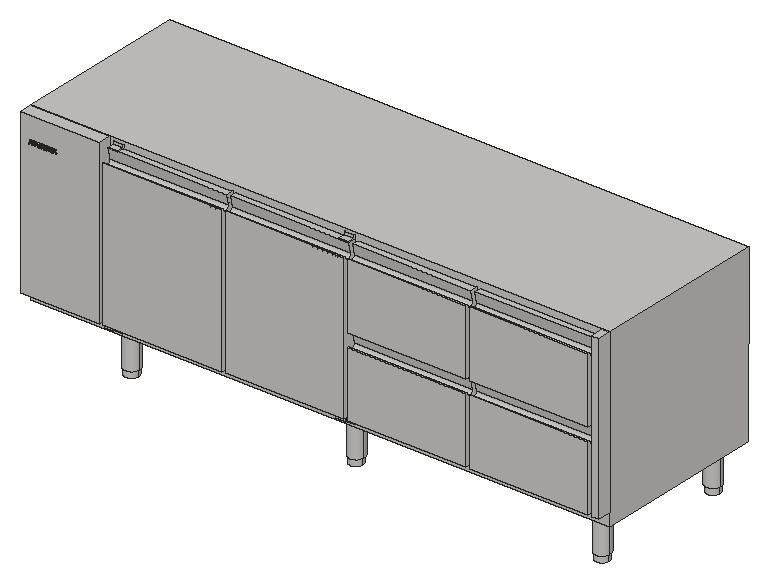
Revit family "QF_ALPENINOX_721171_AA4R7AABB", category Attrezzature speciali, Revit 2018
Family settings
  Quota connettore circolare = Usa diametro
  Tipo di parte = Normale
  Basato su piano di lavoro = No
  Sempre verticale = Sì
  Taglio con vuoti quando caricato = No
  Condiviso = No
  Punto di calcolo locali = No
Parameters (values of type "Standard")
  Weight = 134.00 kg
  Watts = 270 W
  Volts = 220 V
  URL Manufacturer = "http://www.alpeninox.com"
  URL = "http://www.alpeninox.com"
  Steam Supply Size = 0 mm
  Steam Supply Minimum Pressure = 0.0 Pa
  Steam Supply Maximum Pressure = 0.0 Pa
  Steam Consumption per Hour = 0
  Refrigeration Suction Line Size = 0 mm
  Refrigeration Liquid Line Size = 0 mm
  Refrigerant Compressor Remote = yes
  Produttore = "Alpeninox"
  Phase = 1
  Modello = "AA4R7AABB"
  Length Actual = 2149 mm  # constant formula
  Item Number = "721171"
  Hot Water Size = 0 mm
  Height Actual = 800 mm  # constant formula
  HP = "0.4 HP"
  Gas Size = 0 mm
  Gas KW = 0
  Gas Input Pressure = 0 W
  Direct Waste Size = 0 mm
  Descrizione = "2-DOOR AND 4X1/2-DRAWER REFRIGERATED COUNTER, -2+10°C, FULL AISI 304 (R290), WITHOUT WORK TOP"
  Depth Actual = 700 mm  # constant formula
  Cycle = 50 Hz
  Condensate Return Size = 0 mm
  Compressed Air Volume = 0.0 L/s
  Compressed Air Size = 0 mm
  Compressed Air Pressure = 0.0 Pa
  Cold Water Size = 0 mm
  Accessory = yes
Values of the unnamed type that differ from the named types
  Weight = 0.00 kg
  Watts = 0 W
  Volts = 0 V
  URL Manufacturer = ""
  Item Number = ""
  HP = ""
  Cycle = 0 Hz
Reference planes
  plane 1: z = 0
  plane 2 "Center (Left/Right)": x = -126.5
  plane 3 "Center (Front/Back)": y = 64.5
  plane 4 "FEET": z = 150
  plane 5 "TOP": z = 850
  plane 6 "PLAIN": z = 800
  plane 7 "EI_back": y = 103
  plane 8 "EI_left": x = -1140
  plane 9 "BACK": y = 412
  plane 10 "FRONT": y = -283
  plane 11 "DOOR": y = -233
  plane 12 "LEFT": x = -1201
  plane 13 "RIGHT": x = 948
  plane 14: x = -1176
  plane 15: x = 923
Forms (mm)
  Extrusion 1, solid, material "QF_Finishes_Stainless Steel"
    sketch origin (-1022.223, -1524, 150) x (-1, 0, 0) y (0, -1, 0)
      loop
        circle (117.777, -1627) r 5
    from 0 to -40
  Extrusion 2, solid, material "QF_Finishes_Stainless Steel"
    sketch origin (-1022.223, -1524, 150) x (-1, 0, 0) y (0, -1, 0)
      loop
        line (-1945.223, -1291) -> (-1945.223, -1241) -> (-1970.223, -1241) -> (-1970.223, -1291) -> (-1945.223, -1291)
    from 48 to 650
  Extrusion 3, solid, material "QF_Finishes_Stainless Steel"
    sketch origin (-1022.223, -1524, 150) x (-1, 0, 0) y (0, -1, 0)
      loop
        line (178.777, -1936) -> (178.777, -1291) -> (-1970.223, -1291) -> (-1970.223, -1936) -> (178.777, -1936)
    from 0 to 650
Lines and regions (mm)
  symbolic lines, style "SpecialityEquipmentHiddenLines"
    curve 1: line (-1201, 412, 150) -> (948, 412, 150)
    curve 2: line (-1201, -283, 150) -> (-1201, 412, 150)
    curve 3: line (948, -283, 150) -> (-1201, -283, 150)
    curve 4: line (948, 412, 150) -> (948, -283, 150)
    curve 5: line (-1201, -233, 150) -> (948, -233, 150)
    curve 6: line (923, -283, 150) -> (923, -233, 150)
Dimensions and locks
  plane 4 "FEET" to level = 150 mm
  plane 11 "DOOR" to plane 10 "FRONT" = 50 mm
  plane 6 "PLAIN" to plane 4 "FEET" = 650 mm
  plane 5 "TOP" to plane 6 "PLAIN" = 50 mm
  plane 12 "LEFT" to plane 14 = 25 mm
  plane 15 to plane 13 "RIGHT" = 25 mm
  plane 9 "BACK" to plane 7 "EI_back" = 309 mm
  plane 12 "LEFT" to plane 8 "EI_left" = 61 mm
  plane 12 "LEFT" to plane 13 "RIGHT" = 2149 mm
  equal spacing: plane 12 "LEFT", plane 2 "Center (Left/Right)", plane 13 "RIGHT"
  plane 9 "BACK" to plane 10 "FRONT" = 695 mm
  equal spacing: plane 9 "BACK", plane 3 "Center (Front/Back)", plane 10 "FRONT"
  aligned and locked: level to plane 1
Automatic sketch dimensions
  Extrusion 1 sketch curve to plane 7 "EI_back" = 0 mm
  Extrusion 1 sketch curve to plane 8 "EI_left" = 0 mm
  Extrusion 2 sketch curve to plane 11 "DOOR" = 0 mm
  Extrusion 2 sketch curve to plane 13 "RIGHT" = 0 mm
  Extrusion 2 sketch curve to plane 10 "FRONT" = 0 mm
  Extrusion 2 sketch curve to plane 15 = 0 mm
  Extrusion 3 sketch curve to plane 9 "BACK" = 0 mm
  Extrusion 3 sketch curve to plane 13 "RIGHT" = 0 mm
  Extrusion 3 sketch curve to plane 11 "DOOR" = 0 mm
  Extrusion 3 sketch curve to plane 12 "LEFT" = 0 mm
  curve 1 to plane 13 "RIGHT" = 0 mm
  curve 6 to plane 10 "FRONT" = 0 mm
  curve 6 to plane 15 = 0 mm
  curve 5 to plane 12 "LEFT" = 0 mm
  curve 6 to plane 11 "DOOR" = 0 mm
  curve 1 to plane 9 "BACK" = 0 mm
  radius of Extrusion 1 sketch curve = 5 mm
Nested families
  nested 1: "HP_Refrigerator" at (948, -283, 0), type "HP_Refrigerator"
  nested 2: "HP_FEET" at (-867, 331, 0), type "HP_FEET"
  nested 3: "HP_FEET" at (882, 331, 0), type "HP_FEET"
  nested 4: "HP_FEET" at (-867, -183, 0), type "HP_FEET"
  nested 5: "HP_FEET" at (882, -183, 0), type "HP_FEET"
  nested 6: "HP_FEET" at (-32, -183, 0), type "HP_FEET"
  nested 7: "HP_APX_BI_TN_L" at (-994.08, -233, 548) x (1, 0, 0) z (0, -1, 0), type "HP_APX_BI_TN_L"
    with Show Logo yes
  nested 8: "HP_APX_SD_L" at (-673, -233, 458.88) x (1, 0, 0) z (0, -1, 0), type "HP_APX_SD_L"
    with Show Clearance yes
  nested 9: "HP_APX_SD_R" at (-219, -233, 458.88) x (1, 0, 0) z (0, -1, 0), type "HP_APX_SD_R"
    with Show Clearance yes
  nested 10: "HP_APX_HALF" at (235, -233, 458.08) x (1, 0, 0) z (0, -1, 0), type "HP_APX_HALF"
    with Show Clearance yes
  nested 11: "HP_APX_HALF" at (689, -233, 458.08) x (1, 0, 0) z (0, -1, 0), type "HP_APX_HALF"
    with Show Clearance yes
Connectors
  electrical at (-1140, 103, 110), driven by "Volts"
    settings: on Extrusion 1, index 1, voltage 220 V, apparent load 0 VA, apparent load phase1 0 VA, apparent load phase2 0 VA, apparent load phase3 0 VA, power factor 1, load classification "Other", number of poles 1, system type 31, power factor state 1, is connector primary yes, connector utility no, sub classification motor no, connector description "Electrical Connection"
Definition of nested family "HP_FEET"
  Parameters
    FEET = 150 mm
  Reference planes
    plane 1 "Center (Front/Back)": y = 0
    plane 2: z = 0
    plane 3 "Center (Left/Right)": x = 0
    plane 4: z = 150
  Forms (mm)
    Revolve 1, solid
      sketch origin (255.05, 0, 608.09) x (0, 0, 1) y (-1, 0, 0)
        loop
          line (-608.09, 255.05) -> (-608.09, 230.05) -> (-583.09, 230.05) -> (-583.09, 226.05) -> (-458.09, 226.05) -> (-458.09, 255.05) -> (-608.09, 255.05)
        axis (-608.09, 255.05) -> (-458.09, 255.05)
      angle from 0 to 360
  Dimensions and locks
    locked: Revolve 1 sketch curve to Revolve 1 sketch curve at 125
    "FEET": plane 4 to plane 2
    aligned and locked: level to plane 2
    aligned and locked: plane 4 to Revolve 1 sketch curve
    aligned and locked: Revolve 1 sketch curve to level
    aligned and locked: plane 3 "Center (Left/Right)" to Revolve 1 sketch curve
  Automatic sketch dimensions
    Revolve 1 sketch curve to plane 3 "Center (Left/Right)" = 0 mm
    Revolve 1 sketch curve to Revolve 1 sketch curve = 25 mm
    Revolve 1 sketch curve to Revolve 1 sketch curve = 29 mm
    plane 4 to Revolve 1 sketch curve = 50 mm
    Revolve 1 sketch curve to Revolve 1 sketch curve = 20 mm
Definition of nested family "HP_APX_BI_TN_L"
  Parameters
    Show Logo [instance] = yes
    Default Elevation = 1219.2 mm
  Reference planes
    plane 1 "Center (Front/Back)": y = -49
    plane 2: z = 0
    plane 3 "Center (Left/Right)": x = -59.92
    plane 4: x = -206.92
    plane 5: x = 87.08
    plane 6: y = 252
    plane 7: y = -350
  Forms (mm)
    Extrusion 1, solid
      sketch origin (0, 0, 0) x (1, 0, 0) y (0, 1, 0)
        loop
          line (-1219.2, 1219.2) -> (-1219.2, -1219.2) -> (1219.2, -1219.2) -> (1219.2, 1219.2) -> (-1219.2, 1219.2)
      from 0 to -304.8
    Extrusion 2, solid
      sketch origin (0, 0, 0) x (1, 0, 0) y (0, 1, 0)
        loop
          line (-206.92, 252) -> (-206.92, -350) -> (87.08, -350) -> (87.08, 252) -> (-206.92, 252)
      from 0 to 50
    Extrusion 3, solid
      sketch origin (0, 0, 0) x (1, 0, 0) y (0, 1, 0)
        loop
          line (-168.675, 170.349) -> (-172.411, 160.318)
          arc (-172.411, 160.318) -> (-171.624, 158.497) -> (-169.837, 159.36) r 1.374
          line (-169.837, 159.36) -> (-169.268, 161.111) -> (-164.1, 161.111) -> (-163.54, 159.379)
          arc (-163.54, 159.379) -> (-161.802, 158.542) -> (-161.049, 160.318) r 1.333
          line (-161.049, 160.318) -> (-164.694, 170.349)
          arc (-164.694, 170.349) -> (-166.685, 171.876) -> (-168.675, 170.349) r 2.06
        loop
          line (-166.681, 169.055) -> (-168.469, 163.655) -> (-164.935, 163.655) -> (-166.681, 169.055)
        loop
          arc (-159.705, 160.042) -> (-159.262, 158.973) -> (-158.194, 158.531) r 1.512
          line (-158.194, 158.531) -> (-153.608, 158.531)
          arc (-153.608, 158.531) -> (-152.337, 159.802) -> (-153.608, 161.074) r 1.272
          line (-153.608, 161.074) -> (-156.917, 161.074) -> (-156.917, 170.328)
          arc (-156.917, 170.328) -> (-158.311, 171.722) -> (-159.705, 170.328) r 1.394
          line (-159.705, 170.328) -> (-159.705, 160.042)
        loop
          line (-151.076, 170.218) -> (-151.076, 159.859)
          arc (-151.076, 159.859) -> (-149.683, 158.466) -> (-148.29, 159.859) r 1.393
          line (-148.29, 159.859) -> (-148.29, 162.882) -> (-146.225, 162.882)
          arc (-146.225, 162.882) -> (-142.999, 163.859) -> (-141.608, 166.928) r 4.082
          arc (-141.608, 166.928) -> (-142.993, 170.272) -> (-146.336, 171.657) r 4.728
          line (-146.336, 171.657) -> (-149.638, 171.657)
          arc (-149.638, 171.657) -> (-150.655, 171.235) -> (-151.076, 170.218) r 1.439
        loop
          line (-148.29, 165.313) -> (-146.388, 165.313)
          arc (-146.388, 165.313) -> (-144.433, 167.268) -> (-146.388, 169.222) r 1.955
          line (-146.388, 169.222) -> (-148.29, 169.222) -> (-148.29, 165.313)
        loop
          arc (-131.184, 166.332) -> (-132.004, 168.2) -> (-133.767, 169.228) r 3.3
          arc (-133.767, 169.228) -> (-136.353, 168.661) -> (-137.611, 166.332) r 3.176
          line (-137.611, 166.332) -> (-131.184, 166.332)
        loop
          line (-137.538, 163.743) -> (-130.544, 163.743)
          arc (-130.544, 163.743) -> (-129.292, 163.916) -> (-128.301, 164.701) r 2.4
          arc (-128.301, 164.701) -> (-128.155, 165.545) -> (-128.212, 166.399) r 3.635
          arc (-128.212, 166.399) -> (-130.364, 170.162) -> (-134.39, 171.769) r 6.579
          arc (-134.39, 171.769) -> (-138.918, 169.706) -> (-140.661, 165.044) r 6.501
          arc (-140.661, 165.044) -> (-139.276, 160.789) -> (-135.401, 158.549) r 6.252
          arc (-135.401, 158.549) -> (-132.922, 158.526) -> (-130.544, 159.232) r 8.361
          arc (-130.544, 159.232) -> (-129.466, 159.781) -> (-128.641, 160.666) r 3.486
          arc (-128.641, 160.666) -> (-128.419, 161.592) -> (-128.828, 162.451) r 1.425
          arc (-128.828, 162.451) -> (-129.368, 162.762) -> (-129.99, 162.762) r 1.203
          arc (-129.99, 162.762) -> (-130.406, 162.59) -> (-130.764, 162.316) r 1.724
          arc (-130.764, 162.316) -> (-131.666, 161.705) -> (-132.646, 161.229) r 7.6
          arc (-132.646, 161.229) -> (-135.676, 161.35) -> (-137.538, 163.743) r 3.6
        loop
          line (-126.669, 170.328) -> (-126.669, 159.859)
          arc (-126.669, 159.859) -> (-125.273, 158.463) -> (-123.878, 159.859) r 1.396
          line (-123.878, 159.859) -> (-123.878, 166.785) -> (-117.946, 159.029)
          arc (-117.946, 159.029) -> (-116.361, 158.51) -> (-115.379, 159.859) r 1.417
          line (-115.379, 159.859) -> (-115.379, 170.328)
          arc (-115.379, 170.328) -> (-116.774, 171.723) -> (-118.169, 170.328) r 1.395
          line (-118.169, 170.328) -> (-118.169, 163.311) -> (-124.101, 171.157)
          arc (-124.101, 171.157) -> (-125.687, 171.678) -> (-126.669, 170.328) r 1.418
        loop
          arc (-113.636, 159.859) -> (-112.241, 158.464) -> (-110.847, 159.859) r 1.394
          line (-110.847, 159.859) -> (-110.847, 170.328)
          arc (-110.847, 170.328) -> (-112.241, 171.723) -> (-113.636, 170.328) r 1.394
          line (-113.636, 170.328) -> (-113.636, 159.859)
        loop
          line (-109.102, 170.328) -> (-109.102, 159.859)
          arc (-109.102, 159.859) -> (-107.706, 158.463) -> (-106.31, 159.859) r 1.396
          line (-106.31, 159.859) -> (-106.31, 166.785) -> (-100.378, 159.029)
          arc (-100.378, 159.029) -> (-98.793, 158.51) -> (-97.812, 159.859) r 1.417
          line (-97.812, 159.859) -> (-97.812, 170.328)
          arc (-97.812, 170.328) -> (-99.207, 171.723) -> (-100.602, 170.328) r 1.395
          line (-100.602, 170.328) -> (-100.602, 163.311) -> (-106.533, 171.157)
          arc (-106.533, 171.157) -> (-108.119, 171.678) -> (-109.102, 170.328) r 1.418
        loop
          arc (-96.345, 165.093) -> (-95.619, 161.877) -> (-93.467, 159.379) r 6.806
          arc (-93.467, 159.379) -> (-91.792, 158.566) -> (-89.948, 158.31) r 5.956
          arc (-89.948, 158.31) -> (-88.104, 158.566) -> (-86.43, 159.379) r 5.956
          arc (-86.43, 159.379) -> (-84.277, 161.877) -> (-83.551, 165.093) r 6.806
          arc (-83.551, 165.093) -> (-84.277, 168.31) -> (-86.43, 170.808) r 6.806
          arc (-86.43, 170.808) -> (-88.104, 171.621) -> (-89.948, 171.877) r 5.956
          arc (-89.948, 171.877) -> (-91.792, 171.621) -> (-93.467, 170.808) r 5.956
          arc (-93.467, 170.808) -> (-95.619, 168.31) -> (-96.345, 165.093) r 6.806
        loop
          arc (-93.425, 165.093) -> (-93.138, 163.212) -> (-92.081, 161.629) r 4.387
          arc (-92.081, 161.629) -> (-91.087, 161.049) -> (-89.948, 160.881) r 3.035
          arc (-89.948, 160.881) -> (-88.809, 161.049) -> (-87.815, 161.629) r 3.035
          arc (-87.815, 161.629) -> (-86.759, 163.212) -> (-86.472, 165.093) r 4.387
          arc (-86.472, 165.093) -> (-86.759, 166.975) -> (-87.815, 168.558) r 4.387
          arc (-87.815, 168.558) -> (-88.809, 169.138) -> (-89.948, 169.306) r 3.035
          arc (-89.948, 169.306) -> (-91.087, 169.138) -> (-92.081, 168.558) r 3.035
          arc (-92.081, 168.558) -> (-93.138, 166.975) -> (-93.425, 165.093) r 4.387
        loop
          line (-83.139, 169.609) -> (-80.126, 165.552) -> (-83.81, 160.652)
          arc (-83.81, 160.652) -> (-83.512, 158.692) -> (-81.559, 159.029) r 1.388
          line (-81.559, 159.029) -> (-78.51, 163.232) -> (-75.461, 159.029)
          arc (-75.461, 159.029) -> (-73.507, 158.692) -> (-73.21, 160.652) r 1.388
          line (-73.21, 160.652) -> (-76.894, 165.552) -> (-73.881, 169.609)
          arc (-73.881, 169.609) -> (-74.249, 171.597) -> (-76.205, 171.084) r 1.38
          line (-76.205, 171.084) -> (-78.51, 167.841) -> (-80.815, 171.084)
          arc (-80.815, 171.084) -> (-82.771, 171.597) -> (-83.139, 169.609) r 1.38
      from 50 to 51.6
    Extrusion 4, solid, not visible
      sketch origin (0, 0, 0) x (1, 0, 0) y (0, 1, 0)
        loop
          line (-206.92, 252) -> (-206.92, -400) -> (87.08, -400) -> (87.08, 252) -> (-206.92, 252)
      from 0 to 50
  Lines and regions (mm)
    Split face 1
      outline origin (0, 0, 50) x (1, 0, 0) y (0, 1, 0)
        loop
          line (87.08, 183) -> (-172.92, 183)
          arc (-172.92, 183) -> (-190.42, 165.5) -> (-172.92, 148) r 17.5
          line (-172.92, 148) -> (87.08, 148)
    Split face 2
      outline origin (-38, 0, 50) x (1, 0, 0) y (0, 1, 0)
        loop
          line (-5.42, 177) -> (-5.42, 154) -> (64.58, 154) -> (64.58, 177) -> (-5.42, 177)
    Split face 3
      outline origin (-38, 0, 50) x (1, 0, 0) y (0, 1, 0)
        loop
          line (44.58, 174) -> (44.58, 157) -> (61.58, 157) -> (61.58, 174) -> (44.58, 174)
    Split face 4
      outline origin (0, 0, 50) x (1, 0, 0) y (0, 1, 0)
        loop
          line (-206.92, 188) -> (87.08, 188)
    Split face 5
      outline origin (0, 0, 50) x (1, 0, 0) y (0, 1, 0)
        loop
          arc (-163.464, 131.824) -> (-167.464, 127.824) -> (-163.464, 123.824) r 4
          line (-163.464, 123.824) -> (-121.464, 123.824)
          arc (-121.464, 123.824) -> (-117.464, 127.824) -> (-121.464, 131.824) r 4
          line (-121.464, 131.824) -> (-163.464, 131.824)
    Split face 6
      outline origin (330, 0, 50) x (1, 0, 0) y (0, 1, 0)
        loop
          arc (-328.464, 131.824) -> (-332.464, 127.824) -> (-328.464, 123.824) r 4
          line (-328.464, 123.824) -> (-286.464, 123.824)
          arc (-286.464, 123.824) -> (-282.464, 127.824) -> (-286.464, 131.824) r 4
          line (-286.464, 131.824) -> (-328.464, 131.824)
    Split face 7
      outline origin (110, 0, 50) x (1, 0, 0) y (0, 1, 0)
        loop
          arc (-218.464, 131.824) -> (-222.464, 127.824) -> (-218.464, 123.824) r 4
          line (-218.464, 123.824) -> (-176.464, 123.824)
          arc (-176.464, 123.824) -> (-172.464, 127.824) -> (-176.464, 131.824) r 4
          line (-176.464, 131.824) -> (-218.464, 131.824)
    Split face 8
      outline origin (220, 0, 50) x (1, 0, 0) y (0, 1, 0)
        loop
          arc (-273.464, 131.824) -> (-277.464, 127.824) -> (-273.464, 123.824) r 4
          line (-273.464, 123.824) -> (-231.464, 123.824)
          arc (-231.464, 123.824) -> (-227.464, 127.824) -> (-231.464, 131.824) r 4
          line (-231.464, 131.824) -> (-273.464, 131.824)
    Split face 9, not visible
      outline origin (0, 0, 50) x (1, 0, 0) y (0, 1, 0)
        loop
          arc (-163.464, 131.824) -> (-167.464, 127.824) -> (-163.464, 123.824) r 4
          line (-163.464, 123.824) -> (-121.464, 123.824)
          arc (-121.464, 123.824) -> (-117.464, 127.824) -> (-121.464, 131.824) r 4
          line (-121.464, 131.824) -> (-163.464, 131.824)
    Split face 10
      outline origin (0, -24, 50) x (1, 0, 0) y (0, 1, 0)
        loop
          arc (-163.464, 143.824) -> (-167.464, 139.824) -> (-163.464, 135.824) r 4
          line (-163.464, 135.824) -> (-121.464, 135.824)
          arc (-121.464, 135.824) -> (-117.464, 139.824) -> (-121.464, 143.824) r 4
          line (-121.464, 143.824) -> (-163.464, 143.824)
    Split face 11
      outline origin (330, -24, 50) x (1, 0, 0) y (0, 1, 0)
        loop
          arc (-328.464, 143.824) -> (-332.464, 139.824) -> (-328.464, 135.824) r 4
          line (-328.464, 135.824) -> (-286.464, 135.824)
          arc (-286.464, 135.824) -> (-282.464, 139.824) -> (-286.464, 143.824) r 4
          line (-286.464, 143.824) -> (-328.464, 143.824)
    Split face 12
      outline origin (110, -24, 50) x (1, 0, 0) y (0, 1, 0)
        loop
          arc (-218.464, 143.824) -> (-222.464, 139.824) -> (-218.464, 135.824) r 4
          line (-218.464, 135.824) -> (-176.464, 135.824)
          arc (-176.464, 135.824) -> (-172.464, 139.824) -> (-176.464, 143.824) r 4
          line (-176.464, 143.824) -> (-218.464, 143.824)
    Split face 13
      outline origin (220, -24, 50) x (1, 0, 0) y (0, 1, 0)
        loop
          arc (-273.464, 143.824) -> (-277.464, 139.824) -> (-273.464, 135.824) r 4
          line (-273.464, 135.824) -> (-231.464, 135.824)
          arc (-231.464, 135.824) -> (-227.464, 139.824) -> (-231.464, 143.824) r 4
          line (-231.464, 143.824) -> (-273.464, 143.824)
    Split face 14
      outline origin (0, -48, 50) x (1, 0, 0) y (0, 1, 0)
        loop
          arc (-163.464, 155.824) -> (-167.464, 151.824) -> (-163.464, 147.824) r 4
          line (-163.464, 147.824) -> (-121.464, 147.824)
          arc (-121.464, 147.824) -> (-117.464, 151.824) -> (-121.464, 155.824) r 4
          line (-121.464, 155.824) -> (-163.464, 155.824)
    Split face 15
      outline origin (330, -48, 50) x (1, 0, 0) y (0, 1, 0)
        loop
          arc (-328.464, 155.824) -> (-332.464, 151.824) -> (-328.464, 147.824) r 4
          line (-328.464, 147.824) -> (-286.464, 147.824)
          arc (-286.464, 147.824) -> (-282.464, 151.824) -> (-286.464, 155.824) r 4
          line (-286.464, 155.824) -> (-328.464, 155.824)
    Split face 16
      outline origin (110, -48, 50) x (1, 0, 0) y (0, 1, 0)
        loop
          arc (-218.464, 155.824) -> (-222.464, 151.824) -> (-218.464, 147.824) r 4
          line (-218.464, 147.824) -> (-176.464, 147.824)
          arc (-176.464, 147.824) -> (-172.464, 151.824) -> (-176.464, 155.824) r 4
          line (-176.464, 155.824) -> (-218.464, 155.824)
    Split face 17
      outline origin (220, -48, 50) x (1, 0, 0) y (0, 1, 0)
        loop
          arc (-273.464, 155.824) -> (-277.464, 151.824) -> (-273.464, 147.824) r 4
          line (-273.464, 147.824) -> (-231.464, 147.824)
          arc (-231.464, 147.824) -> (-227.464, 151.824) -> (-231.464, 155.824) r 4
          line (-231.464, 155.824) -> (-273.464, 155.824)
    Split face 18
      outline origin (0, -72, 50) x (1, 0, 0) y (0, 1, 0)
        loop
          arc (-163.464, 167.824) -> (-167.464, 163.824) -> (-163.464, 159.824) r 4
          line (-163.464, 159.824) -> (-121.464, 159.824)
          arc (-121.464, 159.824) -> (-117.464, 163.824) -> (-121.464, 167.824) r 4
          line (-121.464, 167.824) -> (-163.464, 167.824)
    Split face 19
      outline origin (330, -72, 50) x (1, 0, 0) y (0, 1, 0)
        loop
          arc (-328.464, 167.824) -> (-332.464, 163.824) -> (-328.464, 159.824) r 4
          line (-328.464, 159.824) -> (-286.464, 159.824)
          arc (-286.464, 159.824) -> (-282.464, 163.824) -> (-286.464, 167.824) r 4
          line (-286.464, 167.824) -> (-328.464, 167.824)
    Split face 20
      outline origin (110, -72, 50) x (1, 0, 0) y (0, 1, 0)
        loop
          arc (-218.464, 167.824) -> (-222.464, 163.824) -> (-218.464, 159.824) r 4
          line (-218.464, 159.824) -> (-176.464, 159.824)
          arc (-176.464, 159.824) -> (-172.464, 163.824) -> (-176.464, 167.824) r 4
          line (-176.464, 167.824) -> (-218.464, 167.824)
    Split face 21
      outline origin (220, -72, 50) x (1, 0, 0) y (0, 1, 0)
        loop
          arc (-273.464, 167.824) -> (-277.464, 163.824) -> (-273.464, 159.824) r 4
          line (-273.464, 159.824) -> (-231.464, 159.824)
          arc (-231.464, 159.824) -> (-227.464, 163.824) -> (-231.464, 167.824) r 4
          line (-231.464, 167.824) -> (-273.464, 167.824)
    Split face 22
      outline origin (0, -96, 50) x (1, 0, 0) y (0, 1, 0)
        loop
          arc (-163.464, 179.824) -> (-167.464, 175.824) -> (-163.464, 171.824) r 4
          line (-163.464, 171.824) -> (-121.464, 171.824)
          arc (-121.464, 171.824) -> (-117.464, 175.824) -> (-121.464, 179.824) r 4
          line (-121.464, 179.824) -> (-163.464, 179.824)
    Split face 23
      outline origin (330, -96, 50) x (1, 0, 0) y (0, 1, 0)
        loop
          arc (-328.464, 179.824) -> (-332.464, 175.824) -> (-328.464, 171.824) r 4
          line (-328.464, 171.824) -> (-286.464, 171.824)
          arc (-286.464, 171.824) -> (-282.464, 175.824) -> (-286.464, 179.824) r 4
          line (-286.464, 179.824) -> (-328.464, 179.824)
    Split face 24
      outline origin (110, -96, 50) x (1, 0, 0) y (0, 1, 0)
        loop
          arc (-218.464, 179.824) -> (-222.464, 175.824) -> (-218.464, 171.824) r 4
          line (-218.464, 171.824) -> (-176.464, 171.824)
          arc (-176.464, 171.824) -> (-172.464, 175.824) -> (-176.464, 179.824) r 4
          line (-176.464, 179.824) -> (-218.464, 179.824)
    Split face 25
      outline origin (220, -96, 50) x (1, 0, 0) y (0, 1, 0)
        loop
          arc (-273.464, 179.824) -> (-277.464, 175.824) -> (-273.464, 171.824) r 4
          line (-273.464, 171.824) -> (-231.464, 171.824)
          arc (-231.464, 171.824) -> (-227.464, 175.824) -> (-231.464, 179.824) r 4
          line (-231.464, 179.824) -> (-273.464, 179.824)
    Split face 26
      outline origin (0, -120, 50) x (1, 0, 0) y (0, 1, 0)
        loop
          arc (-163.464, 191.824) -> (-167.464, 187.824) -> (-163.464, 183.824) r 4
          line (-163.464, 183.824) -> (-121.464, 183.824)
          arc (-121.464, 183.824) -> (-117.464, 187.824) -> (-121.464, 191.824) r 4
          line (-121.464, 191.824) -> (-163.464, 191.824)
    Split face 27
      outline origin (330, -120, 50) x (1, 0, 0) y (0, 1, 0)
        loop
          arc (-328.464, 191.824) -> (-332.464, 187.824) -> (-328.464, 183.824) r 4
          line (-328.464, 183.824) -> (-286.464, 183.824)
          arc (-286.464, 183.824) -> (-282.464, 187.824) -> (-286.464, 191.824) r 4
          line (-286.464, 191.824) -> (-328.464, 191.824)
    Split face 28
      outline origin (110, -120, 50) x (1, 0, 0) y (0, 1, 0)
        loop
          arc (-218.464, 191.824) -> (-222.464, 187.824) -> (-218.464, 183.824) r 4
          line (-218.464, 183.824) -> (-176.464, 183.824)
          arc (-176.464, 183.824) -> (-172.464, 187.824) -> (-176.464, 191.824) r 4
          line (-176.464, 191.824) -> (-218.464, 191.824)
    Split face 29
      outline origin (220, -120, 50) x (1, 0, 0) y (0, 1, 0)
        loop
          arc (-273.464, 191.824) -> (-277.464, 187.824) -> (-273.464, 183.824) r 4
          line (-273.464, 183.824) -> (-231.464, 183.824)
          arc (-231.464, 183.824) -> (-227.464, 187.824) -> (-231.464, 191.824) r 4
          line (-231.464, 191.824) -> (-273.464, 191.824)
    Split face 30
      outline origin (0, -144, 50) x (1, 0, 0) y (0, 1, 0)
        loop
          arc (-163.464, 203.824) -> (-167.464, 199.824) -> (-163.464, 195.824) r 4
          line (-163.464, 195.824) -> (-121.464, 195.824)
          arc (-121.464, 195.824) -> (-117.464, 199.824) -> (-121.464, 203.824) r 4
          line (-121.464, 203.824) -> (-163.464, 203.824)
    Split face 31
      outline origin (330, -144, 50) x (1, 0, 0) y (0, 1, 0)
        loop
          arc (-328.464, 203.824) -> (-332.464, 199.824) -> (-328.464, 195.824) r 4
          line (-328.464, 195.824) -> (-286.464, 195.824)
          arc (-286.464, 195.824) -> (-282.464, 199.824) -> (-286.464, 203.824) r 4
          line (-286.464, 203.824) -> (-328.464, 203.824)
    Split face 32
      outline origin (110, -144, 50) x (1, 0, 0) y (0, 1, 0)
        loop
          arc (-218.464, 203.824) -> (-222.464, 199.824) -> (-218.464, 195.824) r 4
          line (-218.464, 195.824) -> (-176.464, 195.824)
          arc (-176.464, 195.824) -> (-172.464, 199.824) -> (-176.464, 203.824) r 4
          line (-176.464, 203.824) -> (-218.464, 203.824)
    Split face 33
      outline origin (220, -144, 50) x (1, 0, 0) y (0, 1, 0)
        loop
          arc (-273.464, 203.824) -> (-277.464, 199.824) -> (-273.464, 195.824) r 4
          line (-273.464, 195.824) -> (-231.464, 195.824)
          arc (-231.464, 195.824) -> (-227.464, 199.824) -> (-231.464, 203.824) r 4
          line (-231.464, 203.824) -> (-273.464, 203.824)
    Split face 34
      outline origin (0, -168, 50) x (1, 0, 0) y (0, 1, 0)
        loop
          arc (-163.464, 215.824) -> (-167.464, 211.824) -> (-163.464, 207.824) r 4
          line (-163.464, 207.824) -> (-121.464, 207.824)
          arc (-121.464, 207.824) -> (-117.464, 211.824) -> (-121.464, 215.824) r 4
          line (-121.464, 215.824) -> (-163.464, 215.824)
    Split face 35
      outline origin (330, -168, 50) x (1, 0, 0) y (0, 1, 0)
        loop
          arc (-328.464, 215.824) -> (-332.464, 211.824) -> (-328.464, 207.824) r 4
          line (-328.464, 207.824) -> (-286.464, 207.824)
          arc (-286.464, 207.824) -> (-282.464, 211.824) -> (-286.464, 215.824) r 4
          line (-286.464, 215.824) -> (-328.464, 215.824)
    Split face 36
      outline origin (110, -168, 50) x (1, 0, 0) y (0, 1, 0)
        loop
          arc (-218.464, 215.824) -> (-222.464, 211.824) -> (-218.464, 207.824) r 4
          line (-218.464, 207.824) -> (-176.464, 207.824)
          arc (-176.464, 207.824) -> (-172.464, 211.824) -> (-176.464, 215.824) r 4
          line (-176.464, 215.824) -> (-218.464, 215.824)
    Split face 37
      outline origin (220, -168, 50) x (1, 0, 0) y (0, 1, 0)
        loop
          arc (-273.464, 215.824) -> (-277.464, 211.824) -> (-273.464, 207.824) r 4
          line (-273.464, 207.824) -> (-231.464, 207.824)
          arc (-231.464, 207.824) -> (-227.464, 211.824) -> (-231.464, 215.824) r 4
          line (-231.464, 215.824) -> (-273.464, 215.824)
    Split face 38
      outline origin (0, -192, 50) x (1, 0, 0) y (0, 1, 0)
        loop
          arc (-163.464, 227.824) -> (-167.464, 223.824) -> (-163.464, 219.824) r 4
          line (-163.464, 219.824) -> (-121.464, 219.824)
          arc (-121.464, 219.824) -> (-117.464, 223.824) -> (-121.464, 227.824) r 4
          line (-121.464, 227.824) -> (-163.464, 227.824)
    Split face 39
      outline origin (330, -192, 50) x (1, 0, 0) y (0, 1, 0)
        loop
          arc (-328.464, 227.824) -> (-332.464, 223.824) -> (-328.464, 219.824) r 4
          line (-328.464, 219.824) -> (-286.464, 219.824)
          arc (-286.464, 219.824) -> (-282.464, 223.824) -> (-286.464, 227.824) r 4
          line (-286.464, 227.824) -> (-328.464, 227.824)
    Split face 40
      outline origin (110, -192, 50) x (1, 0, 0) y (0, 1, 0)
        loop
          arc (-218.464, 227.824) -> (-222.464, 223.824) -> (-218.464, 219.824) r 4
          line (-218.464, 219.824) -> (-176.464, 219.824)
          arc (-176.464, 219.824) -> (-172.464, 223.824) -> (-176.464, 227.824) r 4
          line (-176.464, 227.824) -> (-218.464, 227.824)
    Split face 41
      outline origin (220, -192, 50) x (1, 0, 0) y (0, 1, 0)
        loop
          arc (-273.464, 227.824) -> (-277.464, 223.824) -> (-273.464, 219.824) r 4
          line (-273.464, 219.824) -> (-231.464, 219.824)
          arc (-231.464, 219.824) -> (-227.464, 223.824) -> (-231.464, 227.824) r 4
          line (-231.464, 227.824) -> (-273.464, 227.824)
    Split face 42
      outline origin (0, -216, 50) x (1, 0, 0) y (0, 1, 0)
        loop
          arc (-163.464, 239.824) -> (-167.464, 235.824) -> (-163.464, 231.824) r 4
          line (-163.464, 231.824) -> (-121.464, 231.824)
          arc (-121.464, 231.824) -> (-117.464, 235.824) -> (-121.464, 239.824) r 4
          line (-121.464, 239.824) -> (-163.464, 239.824)
    Split face 43
      outline origin (330, -216, 50) x (1, 0, 0) y (0, 1, 0)
        loop
          arc (-328.464, 239.824) -> (-332.464, 235.824) -> (-328.464, 231.824) r 4
          line (-328.464, 231.824) -> (-286.464, 231.824)
          arc (-286.464, 231.824) -> (-282.464, 235.824) -> (-286.464, 239.824) r 4
          line (-286.464, 239.824) -> (-328.464, 239.824)
    Split face 44
      outline origin (110, -216, 50) x (1, 0, 0) y (0, 1, 0)
        loop
          arc (-218.464, 239.824) -> (-222.464, 235.824) -> (-218.464, 231.824) r 4
          line (-218.464, 231.824) -> (-176.464, 231.824)
          arc (-176.464, 231.824) -> (-172.464, 235.824) -> (-176.464, 239.824) r 4
          line (-176.464, 239.824) -> (-218.464, 239.824)
    Split face 45
      outline origin (220, -216, 50) x (1, 0, 0) y (0, 1, 0)
        loop
          arc (-273.464, 239.824) -> (-277.464, 235.824) -> (-273.464, 231.824) r 4
          line (-273.464, 231.824) -> (-231.464, 231.824)
          arc (-231.464, 231.824) -> (-227.464, 235.824) -> (-231.464, 239.824) r 4
          line (-231.464, 239.824) -> (-273.464, 239.824)
    Split face 46
      outline origin (0, -240, 50) x (1, 0, 0) y (0, 1, 0)
        loop
          arc (-163.464, 251.824) -> (-167.464, 247.824) -> (-163.464, 243.824) r 4
          line (-163.464, 243.824) -> (-121.464, 243.824)
          arc (-121.464, 243.824) -> (-117.464, 247.824) -> (-121.464, 251.824) r 4
          line (-121.464, 251.824) -> (-163.464, 251.824)
    Split face 47
      outline origin (330, -240, 50) x (1, 0, 0) y (0, 1, 0)
        loop
          arc (-328.464, 251.824) -> (-332.464, 247.824) -> (-328.464, 243.824) r 4
          line (-328.464, 243.824) -> (-286.464, 243.824)
          arc (-286.464, 243.824) -> (-282.464, 247.824) -> (-286.464, 251.824) r 4
          line (-286.464, 251.824) -> (-328.464, 251.824)
    Split face 48
      outline origin (110, -240, 50) x (1, 0, 0) y (0, 1, 0)
        loop
          arc (-218.464, 251.824) -> (-222.464, 247.824) -> (-218.464, 243.824) r 4
          line (-218.464, 243.824) -> (-176.464, 243.824)
          arc (-176.464, 243.824) -> (-172.464, 247.824) -> (-176.464, 251.824) r 4
          line (-176.464, 251.824) -> (-218.464, 251.824)
    Split face 49
      outline origin (220, -240, 50) x (1, 0, 0) y (0, 1, 0)
        loop
          arc (-273.464, 251.824) -> (-277.464, 247.824) -> (-273.464, 243.824) r 4
          line (-273.464, 243.824) -> (-231.464, 243.824)
          arc (-231.464, 243.824) -> (-227.464, 247.824) -> (-231.464, 251.824) r 4
          line (-231.464, 251.824) -> (-273.464, 251.824)
    Split face 50
      outline origin (0, -264, 50) x (1, 0, 0) y (0, 1, 0)
        loop
          arc (-163.464, 263.824) -> (-167.464, 259.824) -> (-163.464, 255.824) r 4
          line (-163.464, 255.824) -> (-121.464, 255.824)
          arc (-121.464, 255.824) -> (-117.464, 259.824) -> (-121.464, 263.824) r 4
          line (-121.464, 263.824) -> (-163.464, 263.824)
    Split face 51
      outline origin (330, -264, 50) x (1, 0, 0) y (0, 1, 0)
        loop
          arc (-328.464, 263.824) -> (-332.464, 259.824) -> (-328.464, 255.824) r 4
          line (-328.464, 255.824) -> (-286.464, 255.824)
          arc (-286.464, 255.824) -> (-282.464, 259.824) -> (-286.464, 263.824) r 4
          line (-286.464, 263.824) -> (-328.464, 263.824)
    Split face 52
      outline origin (110, -264, 50) x (1, 0, 0) y (0, 1, 0)
        loop
          arc (-218.464, 263.824) -> (-222.464, 259.824) -> (-218.464, 255.824) r 4
          line (-218.464, 255.824) -> (-176.464, 255.824)
          arc (-176.464, 255.824) -> (-172.464, 259.824) -> (-176.464, 263.824) r 4
          line (-176.464, 263.824) -> (-218.464, 263.824)
    Split face 53
      outline origin (220, -264, 50) x (1, 0, 0) y (0, 1, 0)
        loop
          arc (-273.464, 263.824) -> (-277.464, 259.824) -> (-273.464, 255.824) r 4
          line (-273.464, 255.824) -> (-231.464, 255.824)
          arc (-231.464, 255.824) -> (-227.464, 259.824) -> (-231.464, 263.824) r 4
          line (-231.464, 263.824) -> (-273.464, 263.824)
    Split face 54
      outline origin (0, -288, 50) x (1, 0, 0) y (0, 1, 0)
        loop
          arc (-163.464, 275.824) -> (-167.464, 271.824) -> (-163.464, 267.824) r 4
          line (-163.464, 267.824) -> (-121.464, 267.824)
          arc (-121.464, 267.824) -> (-117.464, 271.824) -> (-121.464, 275.824) r 4
          line (-121.464, 275.824) -> (-163.464, 275.824)
    Split face 55
      outline origin (330, -288, 50) x (1, 0, 0) y (0, 1, 0)
        loop
          arc (-328.464, 275.824) -> (-332.464, 271.824) -> (-328.464, 267.824) r 4
          line (-328.464, 267.824) -> (-286.464, 267.824)
          arc (-286.464, 267.824) -> (-282.464, 271.824) -> (-286.464, 275.824) r 4
          line (-286.464, 275.824) -> (-328.464, 275.824)
    Split face 56
      outline origin (110, -288, 50) x (1, 0, 0) y (0, 1, 0)
        loop
          arc (-218.464, 275.824) -> (-222.464, 271.824) -> (-218.464, 267.824) r 4
          line (-218.464, 267.824) -> (-176.464, 267.824)
          arc (-176.464, 267.824) -> (-172.464, 271.824) -> (-176.464, 275.824) r 4
          line (-176.464, 275.824) -> (-218.464, 275.824)
    Split face 57
      outline origin (220, -288, 50) x (1, 0, 0) y (0, 1, 0)
        loop
          arc (-273.464, 275.824) -> (-277.464, 271.824) -> (-273.464, 267.824) r 4
          line (-273.464, 267.824) -> (-231.464, 267.824)
          arc (-231.464, 267.824) -> (-227.464, 271.824) -> (-231.464, 275.824) r 4
          line (-231.464, 275.824) -> (-273.464, 275.824)
    Split face 58
      outline origin (0, -312, 50) x (1, 0, 0) y (0, 1, 0)
        loop
          arc (-163.464, 287.824) -> (-167.464, 283.824) -> (-163.464, 279.824) r 4
          line (-163.464, 279.824) -> (-121.464, 279.824)
          arc (-121.464, 279.824) -> (-117.464, 283.824) -> (-121.464, 287.824) r 4
          line (-121.464, 287.824) -> (-163.464, 287.824)
    Split face 59
      outline origin (330, -312, 50) x (1, 0, 0) y (0, 1, 0)
        loop
          arc (-328.464, 287.824) -> (-332.464, 283.824) -> (-328.464, 279.824) r 4
          line (-328.464, 279.824) -> (-286.464, 279.824)
          arc (-286.464, 279.824) -> (-282.464, 283.824) -> (-286.464, 287.824) r 4
          line (-286.464, 287.824) -> (-328.464, 287.824)
    Split face 60
      outline origin (110, -312, 50) x (1, 0, 0) y (0, 1, 0)
        loop
          arc (-218.464, 287.824) -> (-222.464, 283.824) -> (-218.464, 279.824) r 4
          line (-218.464, 279.824) -> (-176.464, 279.824)
          arc (-176.464, 279.824) -> (-172.464, 283.824) -> (-176.464, 287.824) r 4
          line (-176.464, 287.824) -> (-218.464, 287.824)
    Split face 61
      outline origin (220, -312, 50) x (1, 0, 0) y (0, 1, 0)
        loop
          arc (-273.464, 287.824) -> (-277.464, 283.824) -> (-273.464, 279.824) r 4
          line (-273.464, 279.824) -> (-231.464, 279.824)
          arc (-231.464, 279.824) -> (-227.464, 283.824) -> (-231.464, 287.824) r 4
          line (-231.464, 287.824) -> (-273.464, 287.824)
    Split face 62
      outline origin (0, -336, 50) x (1, 0, 0) y (0, 1, 0)
        loop
          arc (-163.464, 299.824) -> (-167.464, 295.824) -> (-163.464, 291.824) r 4
          line (-163.464, 291.824) -> (-121.464, 291.824)
          arc (-121.464, 291.824) -> (-117.464, 295.824) -> (-121.464, 299.824) r 4
          line (-121.464, 299.824) -> (-163.464, 299.824)
    Split face 63
      outline origin (330, -336, 50) x (1, 0, 0) y (0, 1, 0)
        loop
          arc (-328.464, 299.824) -> (-332.464, 295.824) -> (-328.464, 291.824) r 4
          line (-328.464, 291.824) -> (-286.464, 291.824)
          arc (-286.464, 291.824) -> (-282.464, 295.824) -> (-286.464, 299.824) r 4
          line (-286.464, 299.824) -> (-328.464, 299.824)
    Split face 64
      outline origin (110, -336, 50) x (1, 0, 0) y (0, 1, 0)
        loop
          arc (-218.464, 299.824) -> (-222.464, 295.824) -> (-218.464, 291.824) r 4
          line (-218.464, 291.824) -> (-176.464, 291.824)
          arc (-176.464, 291.824) -> (-172.464, 295.824) -> (-176.464, 299.824) r 4
          line (-176.464, 299.824) -> (-218.464, 299.824)
    Split face 65
      outline origin (220, -336, 50) x (1, 0, 0) y (0, 1, 0)
        loop
          arc (-273.464, 299.824) -> (-277.464, 295.824) -> (-273.464, 291.824) r 4
          line (-273.464, 291.824) -> (-231.464, 291.824)
          arc (-231.464, 291.824) -> (-227.464, 295.824) -> (-231.464, 299.824) r 4
          line (-231.464, 299.824) -> (-273.464, 299.824)
    Split face 66
      outline origin (0, -360, 50) x (1, 0, 0) y (0, 1, 0)
        loop
          arc (-163.464, 311.824) -> (-167.464, 307.824) -> (-163.464, 303.824) r 4
          line (-163.464, 303.824) -> (-121.464, 303.824)
          arc (-121.464, 303.824) -> (-117.464, 307.824) -> (-121.464, 311.824) r 4
          line (-121.464, 311.824) -> (-163.464, 311.824)
    Split face 67
      outline origin (330, -360, 50) x (1, 0, 0) y (0, 1, 0)
        loop
          arc (-328.464, 311.824) -> (-332.464, 307.824) -> (-328.464, 303.824) r 4
          line (-328.464, 303.824) -> (-286.464, 303.824)
          arc (-286.464, 303.824) -> (-282.464, 307.824) -> (-286.464, 311.824) r 4
          line (-286.464, 311.824) -> (-328.464, 311.824)
    Split face 68
      outline origin (110, -360, 50) x (1, 0, 0) y (0, 1, 0)
        loop
          arc (-218.464, 311.824) -> (-222.464, 307.824) -> (-218.464, 303.824) r 4
          line (-218.464, 303.824) -> (-176.464, 303.824)
          arc (-176.464, 303.824) -> (-172.464, 307.824) -> (-176.464, 311.824) r 4
          line (-176.464, 311.824) -> (-218.464, 311.824)
    Split face 69
      outline origin (220, -360, 50) x (1, 0, 0) y (0, 1, 0)
        loop
          arc (-273.464, 311.824) -> (-277.464, 307.824) -> (-273.464, 303.824) r 4
          line (-273.464, 303.824) -> (-231.464, 303.824)
          arc (-231.464, 303.824) -> (-227.464, 307.824) -> (-231.464, 311.824) r 4
          line (-231.464, 311.824) -> (-273.464, 311.824)
    Split face 70
      outline origin (0, 0, 50) x (1, 0, 0) y (0, 1, 0)
        loop
          line (-206.92, 143) -> (87.08, 143)
    Split face 71
      outline origin (0, -663.3, 50) x (1, 0, 0) y (0, 1, 0)
        loop
          arc (-163.464, 513.474) -> (-167.464, 509.474) -> (-163.464, 505.474) r 4
          line (-163.464, 505.474) -> (-121.464, 505.474)
          arc (-121.464, 505.474) -> (-117.464, 509.474) -> (-121.464, 513.474) r 4
          line (-121.464, 513.474) -> (-163.464, 513.474)
    Split face 72
      outline origin (330, -663.3, 50) x (1, 0, 0) y (0, 1, 0)
        loop
          arc (-328.464, 513.474) -> (-332.464, 509.474) -> (-328.464, 505.474) r 4
          line (-328.464, 505.474) -> (-286.464, 505.474)
          arc (-286.464, 505.474) -> (-282.464, 509.474) -> (-286.464, 513.474) r 4
          line (-286.464, 513.474) -> (-328.464, 513.474)
    Split face 73
      outline origin (110, -663.3, 50) x (1, 0, 0) y (0, 1, 0)
        loop
          arc (-218.464, 513.474) -> (-222.464, 509.474) -> (-218.464, 505.474) r 4
          line (-218.464, 505.474) -> (-176.464, 505.474)
          arc (-176.464, 505.474) -> (-172.464, 509.474) -> (-176.464, 513.474) r 4
          line (-176.464, 513.474) -> (-218.464, 513.474)
    Split face 74
      outline origin (220, -663.3, 50) x (1, 0, 0) y (0, 1, 0)
        loop
          arc (-273.464, 513.474) -> (-277.464, 509.474) -> (-273.464, 505.474) r 4
          line (-273.464, 505.474) -> (-231.464, 505.474)
          arc (-231.464, 505.474) -> (-227.464, 509.474) -> (-231.464, 513.474) r 4
          line (-231.464, 513.474) -> (-273.464, 513.474)
    Split face 75
      outline origin (0, -687.3, 50) x (1, 0, 0) y (0, 1, 0)
        loop
          arc (-163.464, 525.474) -> (-167.464, 521.474) -> (-163.464, 517.474) r 4
          line (-163.464, 517.474) -> (-121.464, 517.474)
          arc (-121.464, 517.474) -> (-117.464, 521.474) -> (-121.464, 525.474) r 4
          line (-121.464, 525.474) -> (-163.464, 525.474)
    Split face 76
      outline origin (330, -687.3, 50) x (1, 0, 0) y (0, 1, 0)
        loop
          arc (-328.464, 525.474) -> (-332.464, 521.474) -> (-328.464, 517.474) r 4
          line (-328.464, 517.474) -> (-286.464, 517.474)
          arc (-286.464, 517.474) -> (-282.464, 521.474) -> (-286.464, 525.474) r 4
          line (-286.464, 525.474) -> (-328.464, 525.474)
    Split face 77
      outline origin (110, -687.3, 50) x (1, 0, 0) y (0, 1, 0)
        loop
          arc (-218.464, 525.474) -> (-222.464, 521.474) -> (-218.464, 517.474) r 4
          line (-218.464, 517.474) -> (-176.464, 517.474)
          arc (-176.464, 517.474) -> (-172.464, 521.474) -> (-176.464, 525.474) r 4
          line (-176.464, 525.474) -> (-218.464, 525.474)
    Split face 78
      outline origin (220, -687.3, 50) x (1, 0, 0) y (0, 1, 0)
        loop
          arc (-273.464, 525.474) -> (-277.464, 521.474) -> (-273.464, 517.474) r 4
          line (-273.464, 517.474) -> (-231.464, 517.474)
          arc (-231.464, 517.474) -> (-227.464, 521.474) -> (-231.464, 525.474) r 4
          line (-231.464, 525.474) -> (-273.464, 525.474)
    Split face 79
      outline origin (0, -711.3, 50) x (1, 0, 0) y (0, 1, 0)
        loop
          arc (-163.464, 537.474) -> (-167.464, 533.474) -> (-163.464, 529.474) r 4
          line (-163.464, 529.474) -> (-121.464, 529.474)
          arc (-121.464, 529.474) -> (-117.464, 533.474) -> (-121.464, 537.474) r 4
          line (-121.464, 537.474) -> (-163.464, 537.474)
    Split face 80
      outline origin (330, -711.3, 50) x (1, 0, 0) y (0, 1, 0)
        loop
          arc (-328.464, 537.474) -> (-332.464, 533.474) -> (-328.464, 529.474) r 4
          line (-328.464, 529.474) -> (-286.464, 529.474)
          arc (-286.464, 529.474) -> (-282.464, 533.474) -> (-286.464, 537.474) r 4
          line (-286.464, 537.474) -> (-328.464, 537.474)
    Split face 81
      outline origin (110, -711.3, 50) x (1, 0, 0) y (0, 1, 0)
        loop
          arc (-218.464, 537.474) -> (-222.464, 533.474) -> (-218.464, 529.474) r 4
          line (-218.464, 529.474) -> (-176.464, 529.474)
          arc (-176.464, 529.474) -> (-172.464, 533.474) -> (-176.464, 537.474) r 4
          line (-176.464, 537.474) -> (-218.464, 537.474)
    Split face 82
      outline origin (220, -711.3, 50) x (1, 0, 0) y (0, 1, 0)
        loop
          arc (-273.464, 537.474) -> (-277.464, 533.474) -> (-273.464, 529.474) r 4
          line (-273.464, 529.474) -> (-231.464, 529.474)
          arc (-231.464, 529.474) -> (-227.464, 533.474) -> (-231.464, 537.474) r 4
          line (-231.464, 537.474) -> (-273.464, 537.474)
    Split face 83
      outline origin (0, -735.3, 50) x (1, 0, 0) y (0, 1, 0)
        loop
          arc (-163.464, 549.474) -> (-167.464, 545.474) -> (-163.464, 541.474) r 4
          line (-163.464, 541.474) -> (-121.464, 541.474)
          arc (-121.464, 541.474) -> (-117.464, 545.474) -> (-121.464, 549.474) r 4
          line (-121.464, 549.474) -> (-163.464, 549.474)
    Split face 84
      outline origin (330, -735.3, 50) x (1, 0, 0) y (0, 1, 0)
        loop
          arc (-328.464, 549.474) -> (-332.464, 545.474) -> (-328.464, 541.474) r 4
          line (-328.464, 541.474) -> (-286.464, 541.474)
          arc (-286.464, 541.474) -> (-282.464, 545.474) -> (-286.464, 549.474) r 4
          line (-286.464, 549.474) -> (-328.464, 549.474)
    Split face 85
      outline origin (110, -735.3, 50) x (1, 0, 0) y (0, 1, 0)
        loop
          arc (-218.464, 549.474) -> (-222.464, 545.474) -> (-218.464, 541.474) r 4
          line (-218.464, 541.474) -> (-176.464, 541.474)
          arc (-176.464, 541.474) -> (-172.464, 545.474) -> (-176.464, 549.474) r 4
          line (-176.464, 549.474) -> (-218.464, 549.474)
    Split face 86
      outline origin (220, -735.3, 50) x (1, 0, 0) y (0, 1, 0)
        loop
          arc (-273.464, 549.474) -> (-277.464, 545.474) -> (-273.464, 541.474) r 4
          line (-273.464, 541.474) -> (-231.464, 541.474)
          arc (-231.464, 541.474) -> (-227.464, 545.474) -> (-231.464, 549.474) r 4
          line (-231.464, 549.474) -> (-273.464, 549.474)
    Split face 87
      outline origin (0, -759.3, 50) x (1, 0, 0) y (0, 1, 0)
        loop
          arc (-163.464, 561.474) -> (-167.464, 557.474) -> (-163.464, 553.474) r 4
          line (-163.464, 553.474) -> (-121.464, 553.474)
          arc (-121.464, 553.474) -> (-117.464, 557.474) -> (-121.464, 561.474) r 4
          line (-121.464, 561.474) -> (-163.464, 561.474)
    Split face 88
      outline origin (330, -759.3, 50) x (1, 0, 0) y (0, 1, 0)
        loop
          arc (-328.464, 561.474) -> (-332.464, 557.474) -> (-328.464, 553.474) r 4
          line (-328.464, 553.474) -> (-286.464, 553.474)
          arc (-286.464, 553.474) -> (-282.464, 557.474) -> (-286.464, 561.474) r 4
          line (-286.464, 561.474) -> (-328.464, 561.474)
    Split face 89
      outline origin (110, -759.3, 50) x (1, 0, 0) y (0, 1, 0)
        loop
          arc (-218.464, 561.474) -> (-222.464, 557.474) -> (-218.464, 553.474) r 4
          line (-218.464, 553.474) -> (-176.464, 553.474)
          arc (-176.464, 553.474) -> (-172.464, 557.474) -> (-176.464, 561.474) r 4
          line (-176.464, 561.474) -> (-218.464, 561.474)
    Split face 90
      outline origin (220, -759.3, 50) x (1, 0, 0) y (0, 1, 0)
        loop
          arc (-273.464, 561.474) -> (-277.464, 557.474) -> (-273.464, 553.474) r 4
          line (-273.464, 553.474) -> (-231.464, 553.474)
          arc (-231.464, 553.474) -> (-227.464, 557.474) -> (-231.464, 561.474) r 4
          line (-231.464, 561.474) -> (-273.464, 561.474)
    Split face 91
      outline origin (0, -783.3, 50) x (1, 0, 0) y (0, 1, 0)
        loop
          arc (-163.464, 573.474) -> (-167.464, 569.474) -> (-163.464, 565.474) r 4
          line (-163.464, 565.474) -> (-121.464, 565.474)
          arc (-121.464, 565.474) -> (-117.464, 569.474) -> (-121.464, 573.474) r 4
          line (-121.464, 573.474) -> (-163.464, 573.474)
    Split face 92
      outline origin (330, -783.3, 50) x (1, 0, 0) y (0, 1, 0)
        loop
          arc (-328.464, 573.474) -> (-332.464, 569.474) -> (-328.464, 565.474) r 4
          line (-328.464, 565.474) -> (-286.464, 565.474)
          arc (-286.464, 565.474) -> (-282.464, 569.474) -> (-286.464, 573.474) r 4
          line (-286.464, 573.474) -> (-328.464, 573.474)
    Split face 93
      outline origin (110, -783.3, 50) x (1, 0, 0) y (0, 1, 0)
        loop
          arc (-218.464, 573.474) -> (-222.464, 569.474) -> (-218.464, 565.474) r 4
          line (-218.464, 565.474) -> (-176.464, 565.474)
          arc (-176.464, 565.474) -> (-172.464, 569.474) -> (-176.464, 573.474) r 4
          line (-176.464, 573.474) -> (-218.464, 573.474)
    Split face 94
      outline origin (220, -783.3, 50) x (1, 0, 0) y (0, 1, 0)
        loop
          arc (-273.464, 573.474) -> (-277.464, 569.474) -> (-273.464, 565.474) r 4
          line (-273.464, 565.474) -> (-231.464, 565.474)
          arc (-231.464, 565.474) -> (-227.464, 569.474) -> (-231.464, 573.474) r 4
          line (-231.464, 573.474) -> (-273.464, 573.474)
    Split face 95
      outline origin (0, -807.3, 50) x (1, 0, 0) y (0, 1, 0)
        loop
          arc (-163.464, 585.474) -> (-167.464, 581.474) -> (-163.464, 577.474) r 4
          line (-163.464, 577.474) -> (-121.464, 577.474)
          arc (-121.464, 577.474) -> (-117.464, 581.474) -> (-121.464, 585.474) r 4
          line (-121.464, 585.474) -> (-163.464, 585.474)
    Split face 96
      outline origin (330, -807.3, 50) x (1, 0, 0) y (0, 1, 0)
        loop
          arc (-328.464, 585.474) -> (-332.464, 581.474) -> (-328.464, 577.474) r 4
          line (-328.464, 577.474) -> (-286.464, 577.474)
          arc (-286.464, 577.474) -> (-282.464, 581.474) -> (-286.464, 585.474) r 4
          line (-286.464, 585.474) -> (-328.464, 585.474)
    Split face 97
      outline origin (110, -807.3, 50) x (1, 0, 0) y (0, 1, 0)
        loop
          arc (-218.464, 585.474) -> (-222.464, 581.474) -> (-218.464, 577.474) r 4
          line (-218.464, 577.474) -> (-176.464, 577.474)
          arc (-176.464, 577.474) -> (-172.464, 581.474) -> (-176.464, 585.474) r 4
          line (-176.464, 585.474) -> (-218.464, 585.474)
    Split face 98
      outline origin (220, -807.3, 50) x (1, 0, 0) y (0, 1, 0)
        loop
          arc (-273.464, 585.474) -> (-277.464, 581.474) -> (-273.464, 577.474) r 4
          line (-273.464, 577.474) -> (-231.464, 577.474)
          arc (-231.464, 577.474) -> (-227.464, 581.474) -> (-231.464, 585.474) r 4
          line (-231.464, 585.474) -> (-273.464, 585.474)
    Split face 99
      outline origin (0, -831.3, 50) x (1, 0, 0) y (0, 1, 0)
        loop
          arc (-163.464, 597.474) -> (-167.464, 593.474) -> (-163.464, 589.474) r 4
          line (-163.464, 589.474) -> (-121.464, 589.474)
          arc (-121.464, 589.474) -> (-117.464, 593.474) -> (-121.464, 597.474) r 4
          line (-121.464, 597.474) -> (-163.464, 597.474)
    Split face 100
      outline origin (330, -831.3, 50) x (1, 0, 0) y (0, 1, 0)
        loop
          arc (-328.464, 597.474) -> (-332.464, 593.474) -> (-328.464, 589.474) r 4
          line (-328.464, 589.474) -> (-286.464, 589.474)
          arc (-286.464, 589.474) -> (-282.464, 593.474) -> (-286.464, 597.474) r 4
          line (-286.464, 597.474) -> (-328.464, 597.474)
    Split face 101
      outline origin (110, -831.3, 50) x (1, 0, 0) y (0, 1, 0)
        loop
          arc (-218.464, 597.474) -> (-222.464, 593.474) -> (-218.464, 589.474) r 4
          line (-218.464, 589.474) -> (-176.464, 589.474)
          arc (-176.464, 589.474) -> (-172.464, 593.474) -> (-176.464, 597.474) r 4
          line (-176.464, 597.474) -> (-218.464, 597.474)
    Split face 102
      outline origin (220, -831.3, 50) x (1, 0, 0) y (0, 1, 0)
        loop
          arc (-273.464, 597.474) -> (-277.464, 593.474) -> (-273.464, 589.474) r 4
          line (-273.464, 589.474) -> (-231.464, 589.474)
          arc (-231.464, 589.474) -> (-227.464, 593.474) -> (-231.464, 597.474) r 4
          line (-231.464, 597.474) -> (-273.464, 597.474)
    Split face 103
      outline origin (0, -855.3, 50) x (1, 0, 0) y (0, 1, 0)
        loop
          arc (-163.464, 609.474) -> (-167.464, 605.474) -> (-163.464, 601.474) r 4
          line (-163.464, 601.474) -> (-121.464, 601.474)
          arc (-121.464, 601.474) -> (-117.464, 605.474) -> (-121.464, 609.474) r 4
          line (-121.464, 609.474) -> (-163.464, 609.474)
    Split face 104
      outline origin (330, -855.3, 50) x (1, 0, 0) y (0, 1, 0)
        loop
          arc (-328.464, 609.474) -> (-332.464, 605.474) -> (-328.464, 601.474) r 4
          line (-328.464, 601.474) -> (-286.464, 601.474)
          arc (-286.464, 601.474) -> (-282.464, 605.474) -> (-286.464, 609.474) r 4
          line (-286.464, 609.474) -> (-328.464, 609.474)
    Split face 105
      outline origin (110, -855.3, 50) x (1, 0, 0) y (0, 1, 0)
        loop
          arc (-218.464, 609.474) -> (-222.464, 605.474) -> (-218.464, 601.474) r 4
          line (-218.464, 601.474) -> (-176.464, 601.474)
          arc (-176.464, 601.474) -> (-172.464, 605.474) -> (-176.464, 609.474) r 4
          line (-176.464, 609.474) -> (-218.464, 609.474)
    Split face 106
      outline origin (220, -855.3, 50) x (1, 0, 0) y (0, 1, 0)
        loop
          arc (-273.464, 609.474) -> (-277.464, 605.474) -> (-273.464, 601.474) r 4
          line (-273.464, 601.474) -> (-231.464, 601.474)
          arc (-231.464, 601.474) -> (-227.464, 605.474) -> (-231.464, 609.474) r 4
          line (-231.464, 609.474) -> (-273.464, 609.474)
    Split face 107
      outline origin (0, -879.3, 50) x (1, 0, 0) y (0, 1, 0)
        loop
          arc (-163.464, 621.474) -> (-167.464, 617.474) -> (-163.464, 613.474) r 4
          line (-163.464, 613.474) -> (-121.464, 613.474)
          arc (-121.464, 613.474) -> (-117.464, 617.474) -> (-121.464, 621.474) r 4
          line (-121.464, 621.474) -> (-163.464, 621.474)
    Split face 108
      outline origin (330, -879.3, 50) x (1, 0, 0) y (0, 1, 0)
        loop
          arc (-328.464, 621.474) -> (-332.464, 617.474) -> (-328.464, 613.474) r 4
          line (-328.464, 613.474) -> (-286.464, 613.474)
          arc (-286.464, 613.474) -> (-282.464, 617.474) -> (-286.464, 621.474) r 4
          line (-286.464, 621.474) -> (-328.464, 621.474)
    Split face 109
      outline origin (110, -879.3, 50) x (1, 0, 0) y (0, 1, 0)
        loop
          arc (-218.464, 621.474) -> (-222.464, 617.474) -> (-218.464, 613.474) r 4
          line (-218.464, 613.474) -> (-176.464, 613.474)
          arc (-176.464, 613.474) -> (-172.464, 617.474) -> (-176.464, 621.474) r 4
          line (-176.464, 621.474) -> (-218.464, 621.474)
    Split face 110
      outline origin (220, -879.3, 50) x (1, 0, 0) y (0, 1, 0)
        loop
          arc (-273.464, 621.474) -> (-277.464, 617.474) -> (-273.464, 613.474) r 4
          line (-273.464, 613.474) -> (-231.464, 613.474)
          arc (-231.464, 613.474) -> (-227.464, 617.474) -> (-231.464, 621.474) r 4
          line (-231.464, 621.474) -> (-273.464, 621.474)
    Split face 111
      outline origin (0, -903.3, 50) x (1, 0, 0) y (0, 1, 0)
        loop
          arc (-163.464, 633.474) -> (-167.464, 629.474) -> (-163.464, 625.474) r 4
          line (-163.464, 625.474) -> (-121.464, 625.474)
          arc (-121.464, 625.474) -> (-117.464, 629.474) -> (-121.464, 633.474) r 4
          line (-121.464, 633.474) -> (-163.464, 633.474)
    Split face 112
      outline origin (330, -903.3, 50) x (1, 0, 0) y (0, 1, 0)
        loop
          arc (-328.464, 633.474) -> (-332.464, 629.474) -> (-328.464, 625.474) r 4
          line (-328.464, 625.474) -> (-286.464, 625.474)
          arc (-286.464, 625.474) -> (-282.464, 629.474) -> (-286.464, 633.474) r 4
          line (-286.464, 633.474) -> (-328.464, 633.474)
    Split face 113
      outline origin (110, -903.3, 50) x (1, 0, 0) y (0, 1, 0)
        loop
          arc (-218.464, 633.474) -> (-222.464, 629.474) -> (-218.464, 625.474) r 4
          line (-218.464, 625.474) -> (-176.464, 625.474)
          arc (-176.464, 625.474) -> (-172.464, 629.474) -> (-176.464, 633.474) r 4
          line (-176.464, 633.474) -> (-218.464, 633.474)
    Split face 114
      outline origin (220, -903.3, 50) x (1, 0, 0) y (0, 1, 0)
        loop
          arc (-273.464, 633.474) -> (-277.464, 629.474) -> (-273.464, 625.474) r 4
          line (-273.464, 625.474) -> (-231.464, 625.474)
          arc (-231.464, 625.474) -> (-227.464, 629.474) -> (-231.464, 633.474) r 4
          line (-231.464, 633.474) -> (-273.464, 633.474)
    Split face 115
      outline origin (0, -927.3, 50) x (1, 0, 0) y (0, 1, 0)
        loop
          arc (-163.464, 645.474) -> (-167.464, 641.474) -> (-163.464, 637.474) r 4
          line (-163.464, 637.474) -> (-121.464, 637.474)
          arc (-121.464, 637.474) -> (-117.464, 641.474) -> (-121.464, 645.474) r 4
          line (-121.464, 645.474) -> (-163.464, 645.474)
    Split face 116
      outline origin (330, -927.3, 50) x (1, 0, 0) y (0, 1, 0)
        loop
          arc (-328.464, 645.474) -> (-332.464, 641.474) -> (-328.464, 637.474) r 4
          line (-328.464, 637.474) -> (-286.464, 637.474)
          arc (-286.464, 637.474) -> (-282.464, 641.474) -> (-286.464, 645.474) r 4
          line (-286.464, 645.474) -> (-328.464, 645.474)
    Split face 117
      outline origin (110, -927.3, 50) x (1, 0, 0) y (0, 1, 0)
        loop
          arc (-218.464, 645.474) -> (-222.464, 641.474) -> (-218.464, 637.474) r 4
          line (-218.464, 637.474) -> (-176.464, 637.474)
          arc (-176.464, 637.474) -> (-172.464, 641.474) -> (-176.464, 645.474) r 4
          line (-176.464, 645.474) -> (-218.464, 645.474)
    Split face 118
      outline origin (220, -927.3, 50) x (1, 0, 0) y (0, 1, 0)
        loop
          arc (-273.464, 645.474) -> (-277.464, 641.474) -> (-273.464, 637.474) r 4
          line (-273.464, 637.474) -> (-231.464, 637.474)
          arc (-231.464, 637.474) -> (-227.464, 641.474) -> (-231.464, 645.474) r 4
          line (-231.464, 645.474) -> (-273.464, 645.474)
    Split face 119
      outline origin (0, -951.3, 50) x (1, 0, 0) y (0, 1, 0)
        loop
          arc (-163.464, 657.474) -> (-167.464, 653.474) -> (-163.464, 649.474) r 4
          line (-163.464, 649.474) -> (-121.464, 649.474)
          arc (-121.464, 649.474) -> (-117.464, 653.474) -> (-121.464, 657.474) r 4
          line (-121.464, 657.474) -> (-163.464, 657.474)
